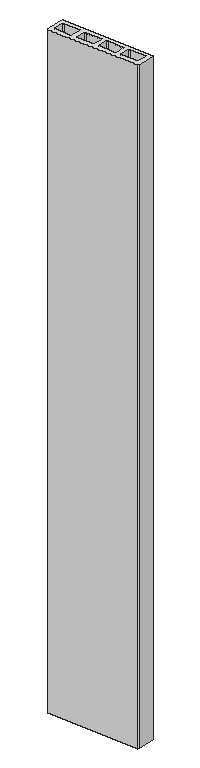
Revit family "ECP_MNF-6030", category Generic Models, Revit 2022
Family settings
  Can host rebar = No
  Round Connector Dimension = Use Diameter
  Part Type = Normal
  Work Plane-Based = No
  Always vertical = Yes
  Cut with Voids When Loaded = Yes
  Maintain Annotation Orientation = No
  Shared = No
  Room Calculation Point = No
Parameters (values of type "ECP_MNF-6030")
  長さ [instance] = 2000 mm
  穴表示 = yes
  材質 = 40Msr_ECP
  Default Elevation = 0 mm
  既存長さ = 310 mm
  幅 [instance] = 300 mm
  固定寸法 = 300 mm
  厚さ = 60 mm
  メースカット非表示 = yes
  メースカット [instance] = 既存長さ - 幅 - 10 mm  # 0 mm
  オースカット非表示 = no
  オースカット = 0 mm
Reference planes
  plane 1 "中心(正面/背面)": y = 0
  plane 2: z = 0
  plane 3 "中心(左/右)": x = 0
  plane 4: y = -30
  plane 5: y = 30
  plane 6: z = 2000
  plane 7: x = 300
Forms (mm)
  Extrusion 1, solid, material "40Msr_ECP" <- "材質", detail levels fine
    sketch origin (0, 0, 0) x (1, 0, 0) y (0, 1, 0)
      loop
        line (0, -28) -> (2, -30) -> (298, -30) -> (300, -28) -> (300, 28) -> (298, 30) -> (2, 30) -> (0, 28) -> (0, -28)
    from 0 to 2000
  Extrusion 2, void
    sketch origin (-50, 0, 0) x (1, 0, 0) y (0, 1, 0)
      loop
        line (350, -30) -> (360, -30) -> (360, 30) -> (350, 30) -> (350, -30)
    from 0 to 2000
  Extrusion 3, void
    sketch origin (-617, 0, 0) x (1, 0, 0) y (0, 1, 0)
      loop
        line (633, -17) -> (685.75, -17)
        arc (685.75, -17) -> (687.872, -16.121) -> (688.75, -14) r 3
        line (688.75, -14) -> (688.75, 14)
        arc (688.75, 14) -> (687.872, 16.121) -> (685.75, 17) r 3
        line (685.75, 17) -> (633, 17)
        arc (633, 17) -> (630.879, 16.121) -> (630, 14) r 3
        line (630, 14) -> (630, -14)
        arc (630, -14) -> (630.879, -16.121) -> (633, -17) r 3
      loop
        line (704.75, -17) -> (757.5, -17)
        arc (757.5, -17) -> (759.622, -16.121) -> (760.5, -14) r 3
        line (760.5, -14) -> (760.5, 14)
        arc (760.5, 14) -> (759.622, 16.121) -> (757.5, 17) r 3
        line (757.5, 17) -> (704.75, 17)
        arc (704.75, 17) -> (702.629, 16.121) -> (701.75, 14) r 3
        line (701.75, 14) -> (701.75, -14)
        arc (701.75, -14) -> (702.629, -16.121) -> (704.75, -17) r 3
      loop
        line (776.5, -17) -> (829.25, -17)
        arc (829.25, -17) -> (831.372, -16.121) -> (832.25, -14) r 3
        line (832.25, -14) -> (832.25, 14)
        arc (832.25, 14) -> (831.372, 16.121) -> (829.25, 17) r 3
        line (829.25, 17) -> (776.5, 17)
        arc (776.5, 17) -> (774.379, 16.121) -> (773.5, 14) r 3
        line (773.5, 14) -> (773.5, -14)
        arc (773.5, -14) -> (774.379, -16.121) -> (776.5, -17) r 3
      loop
        line (848.25, -17) -> (901, -17)
        arc (901, -17) -> (903.122, -16.121) -> (904, -14) r 3
        line (904, -14) -> (904, 14)
        arc (904, 14) -> (903.122, 16.121) -> (901, 17) r 3
        line (901, 17) -> (848.25, 17)
        arc (848.25, 17) -> (846.129, 16.121) -> (845.25, 14) r 3
        line (845.25, 14) -> (845.25, -14)
        arc (845.25, -14) -> (846.129, -16.121) -> (848.25, -17) r 3
    from 0 to 2000
Cuts and joins
  Extrusion 2, Extrusion 3 cuts Extrusion 1
Lines and regions (mm)
  symbolic lines, style "ECPパネル", detail levels coarse+medium
    curve 1: line (0, 30, 0) -> (300, 30, 0)
    curve 2: line (0, -30, 0) -> (0, 30, 0)
    curve 3: line (300, -30, 0) -> (0, -30, 0)
    curve 4: line (300, 30, 0) -> (300, -30, 0)
    curve 5: line (0, 0, 0) -> (300, 0, 0)
    curve 6: line (0, 0, 2000) -> (0, 0, 0)
    curve 7: line (300, 0, 2000) -> (0, 0, 2000)
    curve 8: line (300, 0, 0) -> (300, 0, 2000)
    curve 9: line (0, -30, 2000) -> (0, 30, 2000)
    curve 10: line (0, -30, 0) -> (0, -30, 2000)
    curve 11: line (0, 30, 0) -> (0, -30, 0)
    curve 12: line (0, 30, 2000) -> (0, 30, 0)
  model lines, detail levels coarse+medium
    curve 13: line (0, 8, 0) -> (0, -8, 0)
Dimensions and locks
  "厚さ": plane 4 to plane 5
  "長さ": plane 6 to level
  equal spacing: plane 4, plane 1 "中心(正面/背面)", plane 5
  "既存長さ": plane 3 "中心(左/右)" to Extrusion 2
  "長さ": cut or joined group of Extrusion 1, Extrusion 2, Extrusion 3 to level
  "長さ": Extrusion 2 to level
  "幅": cut or joined group of Extrusion 1, Extrusion 2, Extrusion 3 to curve 8
  "長さ": level to Extrusion 3
  "固定寸法": plane 3 "中心(左/右)" to cut or joined group of Extrusion 1, Extrusion 2, Extrusion 3
  "幅": plane 3 "中心(左/右)" to plane 7
  "メースカット": Extrusion 2 sketch curve to cut or joined group of Extrusion 1, Extrusion 2, Extrusion 3
  aligned and locked: level to plane 2
Automatic sketch dimensions
  curve 11 to level = 0 mm
  curve 11 to plane 4 = 0 mm
  curve 11 to plane 5 = 0 mm
  curve 10 to plane 6 = 0 mm
  curve 7 to plane 3 "中心(左/右)" = 0 mm
  curve 7 to plane 6 = 0 mm
  curve 8 to level = 0 mm
  Extrusion 1 sketch curve to plane 3 "中心(左/右)" = 0 mm
  plane 4 to Extrusion 1 sketch curve = 0 mm
  plane 5 to Extrusion 1 sketch curve = 0 mm
  plane 3 "中心(左/右)" to Extrusion 1 sketch curve = 2 mm  (x2)
  Extrusion 1 sketch curve to plane 4 = 2 mm  (x2)
  plane 5 to Extrusion 1 sketch curve = 2 mm  (x2)
  Extrusion 1 sketch curve to Extrusion 1 sketch curve = 2 mm  (x2)
  plane 3 "中心(左/右)" to Extrusion 3 sketch curve = 13 mm
  Extrusion 3 sketch curve to Extrusion 3 sketch curve = 3 mm  (x13)
  plane 5 to Extrusion 3 sketch curve = 13 mm  (x3)
  Extrusion 3 sketch curve to Extrusion 3 sketch curve = 52.75 mm  (x4)
  Extrusion 3 sketch curve to Extrusion 3 sketch curve = 0 mm  (x4)
  Extrusion 3 sketch curve to Extrusion 3 sketch curve = 13 mm  (x3)
  plane 1 "中心(正面/背面)" to Extrusion 3 sketch curve = 14 mm  (x3)
  Extrusion 3 sketch curve to plane 1 "中心(正面/背面)" = 14 mm
  Extrusion 1 sketch curve to Extrusion 1 sketch curve = 296 mm
  curve 1 to plane 3 "中心(左/右)" = 0 mm
  curve 13 to plane 3 "中心(左/右)" = 0 mm
  plane 4 to curve 4 = 0 mm
  curve 4 to plane 7 = 0 mm
  plane 5 to curve 1 = 0 mm
  plane 1 "中心(正面/背面)" to curve 13 = 8 mm
  curve 13 to plane 1 "中心(正面/背面)" = 8 mm
  plane 4 to Extrusion 2 sketch curve = 0 mm
  plane 5 to Extrusion 2 sketch curve = 0 mm
  Extrusion 2 sketch curve to Extrusion 2 sketch curve = 10 mm
